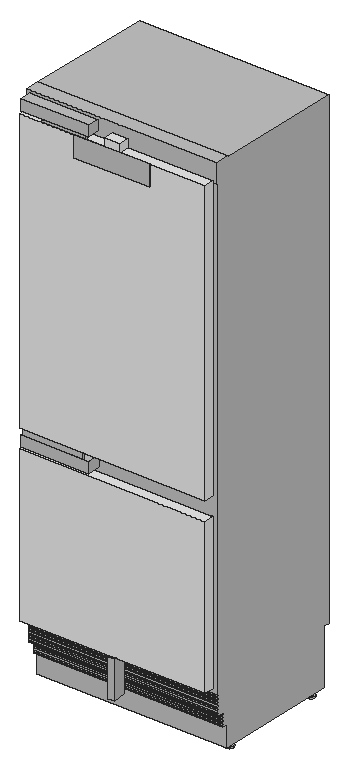
Revit family "FP_Revit_18_RS3084WLUK1_Fridge_90001082A", category Specialty Equipment, Revit 2018
Family settings
  Round Connector Dimension = Use Diameter
  Part Type = Normal
  OmniClass Number = 23.40.40.11.11
  OmniClass Title = Refrigerators and Freezers
  Work Plane-Based = No
  Always vertical = Yes
  Cut with Voids When Loaded = Yes
  Shared = No
  Room Calculation Point = No
Parameters (values of type "RS3084WLU1")
  Visibility - Water Connection = yes
  Visibility - Visibility Control Note = yes
  Visibility - Clearance Required = yes
  URL = "www.fisherpaykel.com"
  Stainless Steel Door Panels (RD3084WLD) = no
  Product - Width = 756 mm  # constant formula
  Product - Height = 2134 mm  # constant formula
  Product - Depth (exl front panel) = 610 mm  # constant formula
  Model = "RS3084WLU1"
  Material - Handle = Fisher & Paykel - Aluminium
  Material - Door Structure = Fisher & Paykel - White
  Material - Door Front = Fisher & Paykel - Stainless Steel
  Material - Body = Fisher & Paykel - Grey
  Manufacturer = "Fisher & Paykel Appliances"
  Handle Style - Professional Square (AHV2RD3084W) = no
  Handle Style - Professional Round Flush (AHP3RD3084W) = no
  Handle Style - Professional Round (AHCRD3084W) = no
  Handle Style - Contemporary Square Fine Black (AHD5RD3084WB) = no
  Handle Style - Contemporary Square Fine (AHD5RD3084W) = no
  Handle Style - Contemporary Square (AHD3RD3084W) = no
  Handle Style - Contemporary Round (AHSRD3084W) = no
  Description = "30\" Integrated Column Freezer with internal Ice & Water, White Interior"
  Connector Description - Water = "1/4\" (6mm) comp. stainless steel braided hose"
  Connector Description - Electrical = "120 V, 10 amp fused electrical supply"
  Cavity - Width = 762 mm  # constant formula
  Cavity - Height = 2134 mm  # constant formula
  Cavity - Depth = 635 mm  # constant formula
Reference planes
  plane 1 "Datum": y = 0
  plane 2: z = 0
  plane 3 "Center (Left/Right)": x = 0
  plane 4 "Product LHS": x = -378
  plane 5 "Product RHS": x = 378
  plane 6 "Product - Depth": y = 610
  plane 7 "Cavity LHS": x = -381
  plane 8 "Cavity RHS": x = 381
  plane 9 "Cavity - Depth": y = 635
  plane 10 "Handle Offset": x = 315
  plane 11 "Product Height": z = 2134
  plane 12 "Cavity Height": z = 2134
  plane 13 "Door Panel Datum": y = -4.1
Forms (mm)
  Extrusion 1, solid, material "Fisher & Paykel - Grey" <- "Material - Body", detail levels fine
    sketch origin (0, 0, 0) x (0, 1, 0) y (0, 0, 1)
      loop
        line (100.1, 19.1) -> (587.9, 19.1) -> (587.9, 239.7) -> (610, 239.7) -> (610, 2132.3) -> (105.1, 2132.3) -> (105.1, 2134) -> (49.9, 2134) -> (49.9, 2059) -> (56, 2059) -> (56, 228.6) -> (59.5, 228.6) -> (59.5, 219.7) -> (56.5, 219.7) -> (56.5, 215.9) -> (59.5, 215.9) -> (59.5, 207) -> (56.5, 207) -> (56.5, 203.2) -> (59.5, 203.2) -> (59.5, 194.3) -> (56.5, 194.3) -> (56.5, 190.5) -> (59.5, 190.5) -> (59.5, 181.6) -> (56.5, 181.6) -> (56.5, 177.8) -> (59.5, 177.8) -> (59.5, 168.9) -> (56.5, 168.9) -> (56.5, 165.1) -> (59.5, 165.1) -> (59.5, 156.2) -> (56.5, 156.2) -> (56.5, 152.4) -> (84.1, 152.4) -> (84.1, 143.5) -> (81.1, 143.5) -> (81.1, 139.7) -> (84.1, 139.7) -> (84.1, 130.8) -> (81.1, 130.8) -> (81.1, 127) -> (84.1, 127) -> (84.1, 118.1) -> (81.1, 118.1) -> (81.1, 114.3) -> (84.1, 114.3) -> (84.1, 105.4) -> (81.1, 105.4) -> (81.1, 101.6) -> (100.1, 101.6) -> (100.1, 19.1)
    from -378 to 378
  Extrusion 2, solid, material "Fisher & Paykel - Grey" <- "Material - Body"
    sketch origin (0, 0, 0) x (1, 0, 0) y (0, 1, 0)
      loop
        circle (-357.5, 547.8) r 4.1
      loop
        circle (-357.5, 141.8) r 4.1
      loop
        circle (357.5, 547.8) r 4.1
      loop
        circle (357.5, 141.8) r 4.1
    from 3 to 19.1
  Extrusion 3, solid, material "Fisher & Paykel - Grey" <- "Material - Body"
    sketch origin (0, 0, 0) x (1, 0, 0) y (0, 1, 0)
      loop
        circle (-357.5, 547.8) r 14.5
      loop
        circle (-357.5, 141.8) r 14.555
      loop
        circle (357.5, 547.8) r 14.5
      loop
        circle (357.5, 141.8) r 14.555
    from 0 to 3
  Extrusion 4, solid, material "Fisher & Paykel - Grey" <- "Material - Body", detail levels fine
    sketch origin (0, 0, 0) x (1, 0, 0) y (0, 1, 0)
      loop
        line (-7.5, 49) -> (-13.797, -4.1) -> (13.797, -4.1) -> (7.5, 49) -> (-7.5, 49)
    from 104.2 to 253.8
  Extrusion 5, solid, material "Fisher & Paykel - Grey" <- "Material - Body", detail levels fine
    sketch origin (0, 0, 0) x (0, 1, 0) y (0, 0, 1)
      loop
        line (0, 2070.6) -> (0, 1988.6) -> (2, 1988.6) -> (2, 2068.6) -> (4, 2068.6) -> (4, 2070.6) -> (0, 2070.6)
    from -150 to 150
  Extrusion 6, solid, material "Fisher & Paykel - Grey" <- "Material - Body"
    sketch origin (0, 0, 0) x (1, 0, 0) y (0, 0, 1)
      loop
        circle (303, 119.813) r 5
      loop
        circle (-303, 119.813) r 5
    from -590 to -587.9
  Extrusion 7, solid, material "Fisher & Paykel - White" <- "Material - Door Structure"
    sketch origin (0, 0, 0) x (1, 0, 0) y (0, 1, 0)
      loop
        line (-353, 56) -> (-353, 42) -> (353, 42) -> (353, 56) -> (-353, 56)
    from 951.3 to 2030.7
  Extrusion 8, solid, material "Fisher & Paykel - White" <- "Material - Door Structure"
    sketch origin (0, 0, 0) x (1, 0, 0) y (0, 1, 0)
      loop
        line (-369.4, 42) -> (-369.4, 3) -> (369.4, 3) -> (369.4, 42) -> (-369.4, 42)
    from 943.8 to 2068.6
  Extrusion 9, solid, material "Fisher & Paykel - White" <- "Material - Door Structure", detail levels fine
    sketch origin (0, 0, 0) x (1, 0, 0) y (0, 0, 1)
      loop
        line (-29.5, 2100.1) -> (-29.5, 2068.6) -> (29.5, 2068.6) -> (29.5, 2100.1) -> (-29.5, 2100.1)
    from -42 to -3
  Extrusion 10, solid, material "Fisher & Paykel - Stainless Steel" <- "Material - Door Front", visible <- "Stainless Steel Door Panels (RD3084WLD)"
    sketch origin (0, 0, 0) x (0, 1, 0) y (0, 0, 1)
      loop
        line (-22.1, 2130.8) -> (-22.1, 876.3) -> (-4.1, 876.3) -> (-4.1, 2130.8) -> (-22.1, 2130.8)
      loop
        line (-22.1, 102) -> (-4.1, 102) -> (-4.1, 873.1) -> (-22.1, 873.1) -> (-22.1, 102)
    from -378 to 378
  Extrusion 11, solid, material "Fisher & Paykel - Grey" <- "Material - Body", detail levels coarse+medium
    sketch origin (0, 0, 0) x (0, 1, 0) y (0, 0, 1)
      loop
        line (49.9, 2134) -> (49.9, 2059) -> (56, 2059) -> (56, 152.4) -> (81.1, 152.4) -> (81.1, 101.6) -> (100.1, 101.6) -> (100.1, 19.1) -> (587.9, 19.1) -> (587.9, 239.7) -> (610, 239.7) -> (610, 2134) -> (49.9, 2134)
    from -378 to 378
  Extrusion 12, solid, material "Fisher & Paykel - Grey" <- "Material - Body", detail levels fine
    sketch origin (0, 0, 0) x (-1, 0, 0) y (0, 0, -1)
      loop
        line (366.4, -877.25) -> (95.42, -877.25) -> (95.42, -919.35) -> (366.4, -919.35) -> (366.4, -877.25)
    from -56 to -2.5
  Extrusion 13, solid, material "Fisher & Paykel - Grey" <- "Material - Body", detail levels fine
    sketch origin (0, 0, 0) x (-1, 0, 0) y (0, 0, -1)
      loop
        line (366.4, -2123.15) -> (366.4, -2081.05) -> (95.42, -2081.05) -> (95.42, -2123.15) -> (366.4, -2123.15)
    from -49 to -2.5
  Extrusion 14, solid, material "Fisher & Paykel - Grey" <- "Material - Body", detail levels fine
    sketch origin (0, 0, -4) x (0, 1, 0) y (0, 0, 1)
      loop
        arc (163.888, 23.1) -> (180.4, 13.63) -> (196.912, 23.1) r 19.13
        line (196.912, 23.1) -> (163.888, 23.1)
      loop
        arc (493.888, 23.1) -> (510.4, 13.63) -> (526.912, 23.1) r 19.13
        line (526.912, 23.1) -> (493.888, 23.1)
    from 191 to 219
  Extrusion 15, solid, material "Fisher & Paykel - Grey" <- "Material - Body", detail levels fine
    sketch origin (0, 0, -4) x (0, 1, 0) y (0, 0, -1)
      loop
        line (163.888, -23.1) -> (196.912, -23.1)
        arc (196.912, -23.1) -> (180.4, -13.63) -> (163.888, -23.1) r 19.13
      loop
        line (493.888, -23.1) -> (526.912, -23.1)
        arc (526.912, -23.1) -> (510.4, -13.63) -> (493.888, -23.1) r 19.13
    from 191 to 219
  Extrusion 16, solid, material "Fisher & Paykel - Clearance Required", visible <- "Visibility - Clearance Required", detail levels coarse
    sketch origin (0, 0, 0) x (1, 0, 0) y (0, 1, 0)
      loop
        line (-381, 635) -> (-381, -4.1) -> (381, -4.1) -> (381, 635) -> (-381, 635)
    from 0 to 2134
  Extrusion 17, void
    sketch origin (0, 0, 0) x (1, 0, 0) y (0, 1, 0)
      loop
        line (-381, 635) -> (-381, -22.1) -> (381, -22.1) -> (381, 635) -> (-381, 635)
    from 0 to 2134
  Extrusion 18, solid, material "Fisher & Paykel - Grey" <- "Material - Body", detail levels fine
    sketch origin (0, 0, 0) x (-1, 0, 0) y (0, 0, -1)
      loop
        line (118.4, -943.8) -> (359.4, -943.8) -> (359.4, -919.35) -> (118.4, -919.35) -> (118.4, -943.8)
      loop
        line (106, -2081.05) -> (242.9, -2081.05) -> (282.9, -2076.05) -> (282.9, -2068.6) -> (106, -2068.6) -> (106, -2081.05)
    from -7 to -4
  Extrusion 19, solid, material "Fisher & Paykel - White" <- "Material - Door Structure"
    sketch origin (0, 0, 0) x (1, 0, 0) y (0, 1, 0)
      loop
        line (-369.4, 42) -> (-369.4, 3) -> (369.4, 3) -> (369.4, 42) -> (-369.4, 42)
    from 253.8 to 868.15
  Extrusion 20, solid, material "Fisher & Paykel - White" <- "Material - Door Structure"
    sketch origin (0, 0, 0) x (1, 0, 0) y (0, 1, 0)
      loop
        line (-353, 56) -> (-353, 42) -> (353, 42) -> (353, 56) -> (-353, 56)
    from 269.2 to 858.13
  Extrusion 21, solid, material "Fisher & Paykel - Clearance Required", visible <- "Visibility - Clearance Required", detail levels coarse
    sketch origin (0, 0, 0) x (0, 1, 0) y (0, 0, 1)
      loop
        line (-422.1, 873.1) -> (-422.1, 818.896) -> (-482.1, 818.896) -> (-482.1, 781.896) -> (-422.1, 781.896) -> (-422.1, 101.6) -> (-22.1, 101.6) -> (-22.1, 873.1) -> (-422.1, 873.1)
    from -381 to 381
  Extrusion 22, solid, material "Fisher & Paykel - Clearance Required", visible <- "Visibility - Clearance Required", detail levels coarse
    sketch origin (0, -0.697, 0) x (-1, 0, 0) y (0, -1, 0)
      loop
        line (301.5, 21.403) -> (378, 21.403)
        arc (378, 21.403) -> (380.992, 56.377) -> (415.915, 59.919) r 27.5
        line (415.915, 59.919) -> (697.006, 664.698) -> (723.252, 652.5)
        arc (723.252, 652.5) -> (747.815, 661.439) -> (738.875, 686.002) r 18.483
        line (738.875, 686.002) -> (712.602, 698.253) -> (734.604, 745.593)
        arc (734.604, 745.593) -> (-22.015, 691.254) -> (-378, 21.403) r 783.517
        line (-378, 21.403) -> (301.5, 21.403)
    from 876.3 to 2134
Lines and regions (mm)
  model lines, style "Fisher & Paykel"
    curve 1: line (-378, -4.1, 2130.8) -> (378, -4.1, 2130.8)
    curve 2: line (-378, -4.1, 876.3) -> (-378, -4.1, 2130.8)
    curve 3: line (378, -4.1, 876.3) -> (-378, -4.1, 876.3)
    curve 4: line (378, -4.1, 2130.8) -> (378, -4.1, 876.3)
    curve 5: line (378, -4.1, 873.1) -> (-378, -4.1, 873.1)
    curve 6: line (378, -4.1, 102) -> (378, -4.1, 873.1)
    curve 7: line (-378, -4.1, 102) -> (378, -4.1, 102)
    curve 8: line (-378, -4.1, 873.1) -> (-378, -4.1, 102)
Text (mm)
  text "Due to ongoing product development, product details are subject to change without notice. \nPlease always refer to www.fisherpaykel.com for the most current product information. \n© Fisher & Paykel 2020" at (41.04, -878.295, 0), in view "Ref. Level (Plan)"
Dimensions and locks
  equal spacing: plane 4 "Product LHS", plane 3 "Center (Left/Right)", plane 5 "Product RHS"
  "Product - Width": plane 4 "Product LHS" to plane 5 "Product RHS"
  "Product - Depth (exl front panel)": plane 1 "Datum" to plane 6 "Product - Depth"
  equal spacing: plane 7 "Cavity LHS", plane 3 "Center (Left/Right)", plane 8 "Cavity RHS"
  "Cavity - Width": plane 7 "Cavity LHS" to plane 8 "Cavity RHS"
  "Cavity - Depth": plane 9 "Cavity - Depth" to plane 1 "Datum"
  plane 4 "Product LHS" to Extrusion 2 sketch curve = 24.6 mm
  plane 4 "Product LHS" to plane 10 "Handle Offset" = 693 mm
  Extrusion 6 sketch curve to Extrusion 1 = 119.887 mm  (x2)
  Extrusion 6 sketch curve to plane 5 "Product RHS" = 75 mm
  plane 4 "Product LHS" to Extrusion 6 sketch curve = 75 mm
  Extrusion 1 sketch curve to Extrusion 1 sketch curve = 82.5 mm
  Extrusion 1 sketch curve to Extrusion 1 sketch curve = 209.5 mm
  Extrusion 1 sketch curve to Extrusion 1 sketch curve = 220.6 mm
  Extrusion 3 to level = 3 mm
  Extrusion 11 to Extrusion 8 = 924.7 mm
  Extrusion 11 to Extrusion 7 = 932.2 mm
  Extrusion 11 to Extrusion 11 = 2114.9 mm
  Extrusion 11 to Extrusion 10 = 82.9 mm
  "Product - Height": level to plane 11 "Product Height"
  plane 11 "Product Height" to Extrusion 10 = 3.2 mm
  Extrusion 8 to plane 11 "Product Height" = 65.4 mm
  Extrusion 7 to plane 11 "Product Height" = 103.3 mm
  Extrusion 11 sketch curve to plane 11 "Product Height" = 75 mm
  Extrusion 1 sketch curve to plane 11 "Product Height" = 1.7 mm
  Extrusion 1 sketch curve to plane 11 "Product Height" = 75 mm
  "Cavity - Height": plane 12 "Cavity Height" to level
  plane 1 "Datum" to Extrusion 16 = 635 mm
  plane 1 "Datum" to Extrusion 17 = 635 mm
  Extrusion 18 sketch curve to Extrusion 18 sketch curve = 40 mm
  Extrusion 18 sketch curve to Extrusion 18 sketch curve = 176.9 mm
  plane 3 "Center (Left/Right)" to Extrusion 18 sketch curve = 106 mm
  plane 3 "Center (Left/Right)" to Extrusion 18 sketch curve = 118.4 mm
  Extrusion 17 to level = 2134 mm
  Extrusion 1 to Extrusion 12 sketch curve = 282.58 mm
  Extrusion 1 to Extrusion 13 sketch curve = 282.58 mm
  radius of Extrusion 6 sketch curve = 5 mm
  aligned and locked: level to plane 2
  aligned and locked: Extrusion 10 to plane 5 "Product RHS"
  aligned and locked: plane 4 "Product LHS" to Extrusion 10
  aligned and locked: Extrusion 11 to plane 5 "Product RHS"
  aligned and locked: Extrusion 11 to plane 4 "Product LHS"
  aligned and locked: Extrusion 11 sketch curve to plane 11 "Product Height"
  aligned and locked: plane 11 "Product Height" to Extrusion 1 sketch curve
  aligned and locked: Extrusion 14 sketch curve to Extrusion 14 sketch curve
  aligned and locked: Extrusion 15 sketch curve to Extrusion 15 sketch curve
  aligned and locked: Extrusion 1 to plane 5 "Product RHS"
  aligned and locked: plane 4 "Product LHS" to Extrusion 1
  aligned and locked: nested 2 to plane 10 "Handle Offset"
  aligned and locked: nested 3 to plane 10 "Handle Offset"
  aligned and locked: nested 4 to plane 10 "Handle Offset"
  aligned and locked: nested 5 to plane 10 "Handle Offset"
  aligned and locked: nested 6 to plane 10 "Handle Offset"
  aligned and locked: nested 7 to plane 10 "Handle Offset"
  aligned and locked: nested 8 to plane 10 "Handle Offset"
Automatic sketch dimensions
  Extrusion 1 sketch curve to plane 6 "Product - Depth" = 0 mm
  Extrusion 1 sketch curve to Extrusion 1 sketch curve = 22.1 mm
  Extrusion 1 sketch curve to plane 1 "Datum" = 105.1 mm
  level to Extrusion 1 sketch curve = 19.1 mm
  Extrusion 1 sketch curve to plane 1 "Datum" = 100.1 mm
  Extrusion 1 sketch curve to Extrusion 1 sketch curve = 16 mm
  Extrusion 1 sketch curve to Extrusion 1 sketch curve = 0 mm  (x8)
  Extrusion 1 sketch curve to Extrusion 1 sketch curve = 3 mm  (x10)
  Extrusion 1 sketch curve to plane 1 "Datum" = 59.5 mm
  Extrusion 1 sketch curve to plane 1 "Datum" = 56 mm
  Extrusion 1 sketch curve to plane 1 "Datum" = 49.9 mm
  Extrusion 1 sketch curve to Extrusion 1 sketch curve = 3.8 mm  (x10)
  Extrusion 1 sketch curve to Extrusion 1 sketch curve = 8.9 mm  (x9)
  Extrusion 2 sketch curve to plane 4 "Product LHS" = 20.5 mm  (x2)
  plane 5 "Product RHS" to Extrusion 2 sketch curve = 20.5 mm  (x2)
  Extrusion 2 sketch curve to plane 1 "Datum" = 141.8 mm  (x2)
  Extrusion 2 sketch curve to plane 6 "Product - Depth" = 62.2 mm  (x2)
  Extrusion 3 sketch curve to plane 4 "Product LHS" = 20.5 mm  (x2)
  plane 5 "Product RHS" to Extrusion 3 sketch curve = 20.5 mm  (x2)
  Extrusion 3 sketch curve to plane 1 "Datum" = 141.8 mm  (x2)
  Extrusion 3 sketch curve to plane 6 "Product - Depth" = 62.2 mm  (x2)
  plane 1 "Datum" to Extrusion 4 sketch curve = 4.1 mm
  Extrusion 4 sketch curve to plane 3 "Center (Left/Right)" = 13.797 mm
  Extrusion 4 sketch curve to plane 3 "Center (Left/Right)" = 7.5 mm
  plane 3 "Center (Left/Right)" to Extrusion 4 sketch curve = 7.5 mm
  plane 3 "Center (Left/Right)" to Extrusion 4 sketch curve = 13.797 mm
  Extrusion 4 sketch curve to plane 1 "Datum" = 49 mm
  Extrusion 5 sketch curve to plane 1 "Datum" = 0 mm
  Extrusion 5 sketch curve to plane 1 "Datum" = 2 mm
  Extrusion 5 sketch curve to Extrusion 5 sketch curve = 2 mm  (x2)
  plane 11 "Product Height" to Extrusion 5 sketch curve = 145.4 mm
  plane 11 "Product Height" to Extrusion 5 sketch curve = 65.4 mm
  Extrusion 7 sketch curve to plane 4 "Product LHS" = 25 mm
  plane 5 "Product RHS" to Extrusion 7 sketch curve = 25 mm
  Extrusion 7 sketch curve to plane 1 "Datum" = 42 mm
  Extrusion 7 sketch curve to Extrusion 7 sketch curve = 14 mm
  Extrusion 8 sketch curve to plane 1 "Datum" = 3 mm
  Extrusion 8 sketch curve to plane 4 "Product LHS" = 8.6 mm
  plane 5 "Product RHS" to Extrusion 8 sketch curve = 8.6 mm
  Extrusion 8 sketch curve to Extrusion 8 sketch curve = 39 mm
  Extrusion 9 sketch curve to plane 3 "Center (Left/Right)" = 29.5 mm
  plane 3 "Center (Left/Right)" to Extrusion 9 sketch curve = 29.5 mm
  plane 11 "Product Height" to Extrusion 9 sketch curve = 65.4 mm
  Extrusion 9 sketch curve to Extrusion 9 sketch curve = 31.5 mm
  Extrusion 11 sketch curve to plane 6 "Product - Depth" = 0 mm
  Extrusion 11 sketch curve to plane 6 "Product - Depth" = 22.1 mm
  Extrusion 11 sketch curve to plane 1 "Datum" = 100.1 mm
  Extrusion 11 sketch curve to Extrusion 11 sketch curve = 19 mm
  Extrusion 11 sketch curve to plane 1 "Datum" = 56 mm
  Extrusion 11 sketch curve to plane 1 "Datum" = 49.9 mm
  level to Extrusion 11 sketch curve = 239.7 mm
  level to Extrusion 11 sketch curve = 152.4 mm
  Extrusion 11 sketch curve to Extrusion 11 sketch curve = 50.8 mm
  level to Extrusion 11 sketch curve = 19.1 mm
  plane 4 "Product LHS" to Extrusion 12 sketch curve = 11.6 mm
  Extrusion 12 sketch curve to level = 877.25 mm
  Extrusion 12 sketch curve to Extrusion 12 sketch curve = 42.1 mm
  plane 4 "Product LHS" to Extrusion 13 sketch curve = 11.6 mm
  Extrusion 13 sketch curve to plane 11 "Product Height" = 52.95 mm
  Extrusion 13 sketch curve to plane 11 "Product Height" = 10.85 mm
  level to Extrusion 14 sketch curve = 19.1 mm
  Extrusion 14 sketch curve to plane 1 "Datum" = 163.888 mm
  Extrusion 14 sketch curve to Extrusion 14 sketch curve = 16.512 mm  (x2)
  Extrusion 14 sketch curve to plane 6 "Product - Depth" = 116.112 mm
  Extrusion 14 sketch curve to Extrusion 14 sketch curve = 9.66 mm  (x2)
  level to Extrusion 15 sketch curve = 19.1 mm
  Extrusion 15 sketch curve to plane 1 "Datum" = 163.888 mm
  Extrusion 15 sketch curve to Extrusion 15 sketch curve = 16.512 mm  (x2)
  Extrusion 15 sketch curve to plane 6 "Product - Depth" = 116.112 mm
  Extrusion 15 sketch curve to Extrusion 15 sketch curve = 9.66 mm  (x2)
  Extrusion 16 sketch curve to plane 7 "Cavity LHS" = 0 mm
  Extrusion 16 sketch curve to plane 8 "Cavity RHS" = 0 mm
  Extrusion 16 sketch curve to plane 9 "Cavity - Depth" = 0 mm
  plane 1 "Datum" to Extrusion 16 sketch curve = 4.1 mm
  Extrusion 17 sketch curve to plane 7 "Cavity LHS" = 0 mm
  Extrusion 17 sketch curve to plane 8 "Cavity RHS" = 0 mm
  plane 9 "Cavity - Depth" to Extrusion 17 sketch curve = 0 mm
  plane 1 "Datum" to Extrusion 17 sketch curve = 22.1 mm
  plane 4 "Product LHS" to Extrusion 18 sketch curve = 18.6 mm
  Extrusion 18 sketch curve to level = 919.35 mm
  Extrusion 18 sketch curve to Extrusion 18 sketch curve = 24.45 mm
  Extrusion 18 sketch curve to plane 11 "Product Height" = 65.4 mm
  Extrusion 18 sketch curve to Extrusion 18 sketch curve = 7.45 mm
  Extrusion 18 sketch curve to Extrusion 18 sketch curve = 5 mm
  Extrusion 19 sketch curve to plane 1 "Datum" = 3 mm
  Extrusion 19 sketch curve to plane 4 "Product LHS" = 8.6 mm
  plane 5 "Product RHS" to Extrusion 19 sketch curve = 8.6 mm
  Extrusion 19 sketch curve to Extrusion 19 sketch curve = 39 mm
  Extrusion 20 sketch curve to plane 4 "Product LHS" = 25 mm
  plane 5 "Product RHS" to Extrusion 20 sketch curve = 25 mm
  Extrusion 20 sketch curve to plane 1 "Datum" = 42 mm
  Extrusion 20 sketch curve to Extrusion 20 sketch curve = 14 mm
  plane 1 "Datum" to Extrusion 21 sketch curve = 482.1 mm
  Extrusion 21 sketch curve to Extrusion 21 sketch curve = 60 mm
  Extrusion 21 sketch curve to Extrusion 21 sketch curve = 0 mm
  plane 1 "Datum" to Extrusion 21 sketch curve = 22.1 mm
  level to Extrusion 21 sketch curve = 101.6 mm
  Extrusion 21 sketch curve to Extrusion 21 sketch curve = 680.296 mm
  Extrusion 21 sketch curve to Extrusion 21 sketch curve = 37 mm
  Extrusion 21 sketch curve to Extrusion 21 sketch curve = 54.204 mm
  Extrusion 22 sketch curve to plane 5 "Product RHS" = 0 mm
  Extrusion 22 sketch curve to plane 1 "Datum" = 22.1 mm
  plane 4 "Product LHS" to Extrusion 22 sketch curve = 76.5 mm
  plane 4 "Product LHS" to Extrusion 22 sketch curve = 0 mm
  Extrusion 22 sketch curve to plane 7 "Cavity LHS" = 19.59 mm
  Extrusion 22 sketch curve to Extrusion 22 sketch curve = 4.816 mm
  Extrusion 22 sketch curve to Extrusion 22 sketch curve = 10.509 mm
  Extrusion 22 sketch curve to plane 7 "Cavity LHS" = 316.006 mm
  Extrusion 22 sketch curve to Extrusion 22 sketch curve = 15.596 mm
  Extrusion 22 sketch curve to Extrusion 22 sketch curve = 26.246 mm
  Extrusion 22 sketch curve to Extrusion 22 sketch curve = 7.811 mm  (x2)
  Extrusion 22 sketch curve to Extrusion 22 sketch curve = 22.003 mm
  Extrusion 22 sketch curve to Extrusion 22 sketch curve = 13.185 mm
  Extrusion 22 sketch curve to Extrusion 22 sketch curve = 2.497 mm
  Extrusion 22 sketch curve to Extrusion 22 sketch curve = 93.093 mm
  Extrusion 22 sketch curve to Extrusion 22 sketch curve = 16.751 mm
  Extrusion 22 sketch curve to Extrusion 22 sketch curve = 12.251 mm
  plane 11 "Product Height" to Extrusion 10 sketch curve = 3.2 mm
  plane 1 "Datum" to Extrusion 10 sketch curve = 22.1 mm
  plane 1 "Datum" to Extrusion 10 sketch curve = 4.1 mm  (x2)
  level to Extrusion 10 sketch curve = 102 mm
  Extrusion 10 sketch curve to Extrusion 10 sketch curve = 774.3 mm
  Extrusion 10 sketch curve to Extrusion 10 sketch curve = 3.2 mm
  Extrusion 10 sketch curve to Extrusion 10 sketch curve = 18 mm
  plane 5 "Product RHS" to curve 5 = 0 mm
  plane 5 "Product RHS" to curve 1 = 0 mm
  plane 4 "Product LHS" to curve 5 = 0 mm
  plane 4 "Product LHS" to curve 2 = 0 mm
  level to curve 6 = 102 mm
  curve 6 to curve 6 = 771.1 mm
  curve 5 to curve 2 = 3.2 mm
  plane 11 "Product Height" to curve 2 = 3.2 mm
  radius of Extrusion 2 sketch curve = 4.1 mm  (x3)
  radius of Extrusion 3 sketch curve = 14.5 mm  (x2)
  radius of Extrusion 3 sketch curve = 14.555 mm  (x2)
  radius of Extrusion 6 sketch curve = 5 mm
Nested families
  nested 1: "Visibility Control Note 18" at (0, 0, 0), visible <- "Visibility - Visibility Control Note", type "Visibility Control Note 18"
  nested 2: "Handle Contemporary Round - Vertical" at (315, -22.1, 1322.58), visible <- "Handle Style - Contemporary Round (AHSRD3084W)", type "AHSRD3084W - Contemporary round handle (1 of 2) (Vertical) 727mm"
  nested 3: "Handle Contemporary Square - Vertical" at (315, -22.1, 1322.58), visible <- "Handle Style - Contemporary Square (AHD3RD3084W)", type "AHD3RD3084W - Contemporary square handle (1 of 2) (Vertical) 727mm"
  nested 4: "F&P Handle Kit - Contemporary Square Fine - Vertical" at (315, -22.1, 1322.58), visible <- "Handle Style - Contemporary Square Fine Black (AHD5RD3084WB)", type "AHD5RD3084WB - Contemporary square fine black handle (1 of 2) (Vertical) 727mm"
  nested 5: "F&P Handle Kit - Contemporary Square Fine - Vertical" at (315, -22.1, 1322.58), visible <- "Handle Style - Contemporary Square Fine (AHD5RD3084W)", type "AHD5RD3084W - Contemporary square fine handle (1 of 2) (Vertical) 727mm"
  nested 6: "Handle Professional Round - Vertical" at (315, -22.1, 1322.58), visible <- "Handle Style - Professional Round (AHCRD3084W)", type "AHCRD3084W - Professional round handle (1 of 2) (Vertical) 661mm"
  nested 7: "Handle Professional Round Flush - Vertical" at (315, -22.1, 1322.58), visible <- "Handle Style - Professional Round Flush (AHP3RD3084W)", type "AHP3RD3084W - Professional round flush handle (1 of 2) (Vertical) 677mm"
  nested 8: "Handle Professional Square - Vertical" at (315, -22.1, 1322.58), visible <- "Handle Style - Professional Square (AHV2RD3084W)", type "AHV2RD3084W - Professional square handle (1 of 2) (Vertical) 727mm"
  nested 9: "Handle Contemporary Round - Horizontal" at (0, -22.1, 800.364), visible <- "Handle Style - Contemporary Round (AHSRD3084W)", type "AHSRD3084W - Contemporary round handle (2 of 2) (Horizontal) 646mm"
  nested 10: "Handle Contemporary Square - Horizontal" at (0, -22.1, 800.364), visible <- "Handle Style - Contemporary Square (AHD3RD3084W)", type "AHD3RD3084W - Contemporary square handle (2 of 2) (Horizontal) 646mm"
  nested 11: "F&P Handle Kit - Contemporary Square Fine - Horizontal" at (0, -22.1, 800.364), visible <- "Handle Style - Contemporary Square Fine Black (AHD5RD3084WB)", type "AHD5RD3084WB - Contemporary square fine black handle (2 of 2) (Horizontal) 646mm"
  nested 12: "Handle Professional Round - Horizontal" at (0, -22.1, 800.364), visible <- "Handle Style - Professional Round (AHCRD3084W)", type "AHCRD3084W - Professional round handle (2 of 2) (Horizontal) 580mm"
  nested 13: "Handle Professional Round Flush - Horizontal" at (0, -22.1, 800.364), visible <- "Handle Style - Professional Round Flush (AHP3RD3084W)", type "AHP3RD3084W - Professional round flush handle (2 of 2) (Horizontal) 596mm"
  nested 14: "Handle Professional Square - Horizontal" at (0, -22.1, 800.364), visible <- "Handle Style - Professional Square (AHV2RD3084W)", type "AHV2RD3084W - Professional square handle (2 of 2) (Horizontal) 586mm"
  nested 15: "F&P Handle Kit - Contemporary Square Fine - Horizontal" at (0, -22.1, 800.364), visible <- "Handle Style - Contemporary Square Fine (AHD5RD3084W)", type "AHD5RD3084W - Contemporary square fine handle (2 of 2) (Horizontal) 646mm"
Connectors
  electrical at (-303, 590, 119.813), driven by "Connector Description - Electrical"
    settings: on Extrusion 6, index 1, voltage 120 V, apparent load 0 VA, apparent load phase1 0 VA, apparent load phase2 0 VA, apparent load phase3 0 VA, power factor 1, load classification "Other", number of poles 1, system type 30, power factor state 1, is connector primary yes, connector utility no, sub classification motor no, connector description "120 V, 10 amp fused electrical supply"
  piping at (303, 590, 119.813), diameter 12.7, driven by "Visibility - Water Connection", driven by "Connector Description - Water"
    settings: on Extrusion 6, index 2, connector inside diameter 609.6 mm, connector length 0 mm, flow factor 0, pipe flow 0.0 L/s, pressure drop 0.0 Pa, fitting loss kfactor 0, connector angle 0.00°, fixture units 0, engagement length 0 mm, angle of deflection 0.00°, flow configuration 0, flow direction 1, fitting loss method 0, system type 20, joint type 0, gender type 0, connector reference index -1, connector utility 1, adjustable connector no, is connector primary yes, connector description "1/4\" (6mm) comp. stainless steel braided hose"
Definition of nested family "Handle Contemporary Round - Vertical"
  Parameters (values of type "AHSRS80A - Contemporary round handle (1 of 2) (Vertical) 727mm")
    URL = "www.fisherpaykel.com"
    Material - Handle = none
    Manufacturer = "Fisher & Paykel Appliances"
    Handle - Length = 727 mm
  Types (6, lengths in mm): name | Handle - Length
    AHS-RD21 - Contemporary round handle (Vertical) 852mm | 852
    AHSRD2484W - Contemporary round handle (1 of 2) (Vertical) 727mm | 727
    AHSRD3084W - Contemporary round handle (1 of 2) (Vertical) 727mm | 727
    AHS-RD84 - Contemporary round handle (Vertical) 852mm | 852
    AHSRS3272A - Contemporary round handle (1 of 2) (Vertical) 727mm | 727
    AHSRS80A - Contemporary round handle (1 of 2) (Vertical) 727mm | 727
  Reference planes
    plane 1 "Center (Front/Back)": y = 0
    plane 2: z = 0
    plane 3 "Center (Left/Right)": x = 0
    plane 4 "Top": z = 363.5
    plane 5 "Bottom": z = -363.5
    plane 6 "Top Standoff": z = 243.5
    plane 7 "Bottom Standoff": z = -243.5
  Forms (mm)
    Extrusion 1, solid, material <- "Material - Handle"
      sketch origin (0, 0, 0) x (1, 0, 0) y (0, 1, 0)
        loop
          circle (0, -32.3) r 8.7
      from -243.5 to 243.5
    Extrusion 2, solid, material <- "Material - Handle", detail levels fine
      sketch origin (0, 0, 0) x (1, 0, 0) y (0, 1, 0)
        loop
          line (-8.7, 0) -> (-8.7, -32.3)
          arc (-8.7, -32.3) -> (0, -41) -> (8.7, -32.3) r 8.7
          line (8.7, -32.3) -> (8.7, 0) -> (-8.7, 0)
      from 243.5 to 363.5
    Extrusion 3, solid, material <- "Material - Handle", detail levels fine
      sketch origin (0, 0, 0) x (1, 0, 0) y (0, 1, 0)
        loop
          line (-8.7, 0) -> (-8.7, -32.3)
          arc (-8.7, -32.3) -> (0, -41) -> (8.7, -32.3) r 8.7
          line (8.7, -32.3) -> (8.7, 0) -> (-8.7, 0)
      from -363.5 to -243.5
    Sweep 4, void
      path in 3D
        loop
          line (8.7, 0, -363.5) -> (8.7, -32.3, -363.5)
          arc (8.7, -32.3, -363.5) -> (0, -41, -363.5) -> (-8.7, -32.3, -363.5) r 8.7
          line (-8.7, -32.3, -363.5) -> (-8.7, 0, -363.5)
      profile origin (8.7, -16.15, -363.5) x (-1, 0, 0) y (0, 0, -1)
        loop
          line (0, 0) -> (0, -1) -> (1, 0) -> (0, 0)
    Sweep 5, void
      path in 3D
        loop
          line (-8.7, 0, 363.5) -> (-8.7, -32.3, 363.5)
          arc (-8.7, -32.3, 363.5) -> (0, -41, 363.5) -> (8.7, -32.3, 363.5) r 8.7
          line (8.7, -32.3, 363.5) -> (8.7, 0, 363.5)
      profile origin (8.7, -16.15, 363.5) x (-1, 0, 0) y (0, 0, 1)
        loop
          line (0, 0) -> (0, -1) -> (1, 0) -> (0, 0)
    Extrusion 6, solid, material <- "Material - Handle", detail levels coarse+medium
      sketch origin (0, 0, 0) x (1, 0, 0) y (0, 1, 0)
        loop
          line (-8.7, 0) -> (-8.7, -32.3)
          arc (-8.7, -32.3) -> (0, -41) -> (8.7, -32.3) r 8.7
          line (8.7, -32.3) -> (8.7, 0) -> (-8.7, 0)
      from 243.5 to 363.5
    Extrusion 7, solid, material <- "Material - Handle", detail levels coarse+medium
      sketch origin (0, 0, 0) x (1, 0, 0) y (0, 1, 0)
        loop
          line (-8.7, 0) -> (-8.7, -32.3)
          arc (-8.7, -32.3) -> (0, -41) -> (8.7, -32.3) r 8.7
          line (8.7, -32.3) -> (8.7, 0) -> (-8.7, 0)
      from -363.5 to -243.5
  Cuts and joins
    Sweep 4 cuts Extrusion 3
    Sweep 5 cuts Extrusion 2
  Lines and regions (mm)
    sketch lines
      curve 1: line (8.7, 0, -363.5) -> (8.7, -32.3, -363.5)
      curve 2: arc (-8.7, -32.3, -363.5) -> (0, -41, -363.5) -> (8.7, -32.3, -363.5) r 8.7
      curve 3: line (-8.7, -32.3, -363.5) -> (-8.7, 0, -363.5)
      curve 4: line (8.7, -32.3, 363.5) -> (8.7, 0, 363.5)
      curve 5: arc (8.7, -32.3, 363.5) -> (0, -41, 363.5) -> (-8.7, -32.3, 363.5) r 8.7
      curve 6: line (-8.7, 0, 363.5) -> (-8.7, -32.3, 363.5)
  Dimensions and locks
    equal spacing: plane 4 "Top", level, plane 5 "Bottom"
    "Handle - Length": plane 4 "Top" to plane 5 "Bottom"
    locked: plane 4 "Top" to plane 6 "Top Standoff" at 120
    locked: plane 7 "Bottom Standoff" to plane 5 "Bottom" at 120
    Extrusion 2 sketch curve to Extrusion 2 sketch curve = 17.4 mm
    Extrusion 3 sketch curve to Extrusion 3 sketch curve = 17.4 mm
    Extrusion 6 sketch curve to Extrusion 6 sketch curve = 17.4 mm
    Extrusion 7 sketch curve to Extrusion 7 sketch curve = 17.4 mm
    aligned and locked: level to plane 2
    aligned and locked: plane 4 "Top" to Extrusion 2
    aligned and locked: Extrusion 3 to plane 5 "Bottom"
    aligned and locked: plane 7 "Bottom Standoff" to Extrusion 3
    aligned and locked: Extrusion 1 to plane 7 "Bottom Standoff"
    aligned and locked: plane 6 "Top Standoff" to Extrusion 1
    aligned and locked: Extrusion 2 to Extrusion 1
    aligned and locked: Extrusion 6 to Extrusion 1
    aligned and locked: plane 4 "Top" to Extrusion 6
    aligned and locked: Extrusion 7 to Extrusion 1
    aligned and locked: Extrusion 7 to plane 5 "Bottom"
  Automatic sketch dimensions
    Extrusion 1 sketch curve to plane 3 "Center (Left/Right)" = 0 mm
    plane 1 "Center (Front/Back)" to Extrusion 1 sketch curve = 32.3 mm
    plane 1 "Center (Front/Back)" to Extrusion 2 sketch curve = 0 mm
    Extrusion 2 sketch curve to plane 3 "Center (Left/Right)" = 0 mm
    Extrusion 2 sketch curve to plane 3 "Center (Left/Right)" = 8.7 mm
    plane 1 "Center (Front/Back)" to Extrusion 2 sketch curve = 32.3 mm
    plane 1 "Center (Front/Back)" to Extrusion 3 sketch curve = 0 mm
    Extrusion 3 sketch curve to plane 3 "Center (Left/Right)" = 0 mm
    Extrusion 3 sketch curve to plane 3 "Center (Left/Right)" = 8.7 mm
    plane 1 "Center (Front/Back)" to Extrusion 3 sketch curve = 32.3 mm
    Sweep 4 sketch curve to profile plane = 0 mm  (x2)
    Sweep 4 sketch curve to profile plane = 1 mm  (x2)
    Sweep 5 sketch curve to profile plane = 0 mm  (x2)
    Sweep 5 sketch curve to profile plane = 1 mm  (x2)
    Extrusion 6 sketch curve to plane 3 "Center (Left/Right)" = 0 mm
    Extrusion 6 sketch curve to plane 3 "Center (Left/Right)" = 8.7 mm
    plane 1 "Center (Front/Back)" to Extrusion 6 sketch curve = 32.3 mm
    Extrusion 6 sketch curve to Extrusion 6 sketch curve = 32.3 mm
    Extrusion 7 sketch curve to plane 3 "Center (Left/Right)" = 0 mm
    Extrusion 7 sketch curve to plane 3 "Center (Left/Right)" = 8.7 mm
    plane 1 "Center (Front/Back)" to Extrusion 7 sketch curve = 32.3 mm
    Extrusion 7 sketch curve to Extrusion 7 sketch curve = 32.3 mm
    radius of Extrusion 1 sketch curve = 8.7 mm
Definition of nested family "Handle Contemporary Square - Vertical"
  Parameters (values of type "AHD3RS80A - Contemporary square handle (1 of 2) (Vertical) 727mm")
    URL = "www.fisherpaykel.com"
    Material - Handle = none
    Manufacturer = "Fisher & Paykel Appliances"
    Handle - Length = 727 mm
  Types (7, lengths in mm): name | Handle - Length
    (no name) | 727
    AHD3-RD21 - Contemporary square handle (Vertical) 852mm | 852
    AHD3RD2484W - Contemporary square handle (1 of 2) (Vertical) 727mm | 727
    AHD3RD3084W - Contemporary square handle (1 of 2) (Vertical) 727mm | 727
    AHD3-RD84 - Contemporary square handle (Vertical) 852mm | 852
    AHD3RS3272A - Contemporary square handle (1 of 2) (Vertical) 727mm | 727
    AHD3RS80A - Contemporary square handle (1 of 2) (Vertical) 727mm | 727
  Reference planes
    plane 1 "Center (Front/Back)": y = 0
    plane 2: z = 0
    plane 3 "Center (Left/Right)": x = 0
    plane 4 "Top": z = 363.5
    plane 5 "Bottom": z = -363.5
    plane 6 "Top Standoff": z = 243.5
    plane 7 "Bottom Standoff": z = -243.5
  Forms (mm)
    Extrusion 1, solid, material <- "Material - Handle", detail levels fine
      sketch origin (0, 0, 0) x (1, 0, 0) y (0, 1, 0)
        loop
          arc (-7.583, -28.701) -> (-7.89, -29.057) -> (-8, -29.514) r 1
          line (-8, -29.514) -> (-8, -40.5)
          arc (-8, -40.5) -> (-7.561, -41.561) -> (-6.5, -42) r 1.5
          line (-6.5, -42) -> (6.5, -42)
          arc (6.5, -42) -> (7.561, -41.561) -> (8, -40.5) r 1.5
          line (8, -40.5) -> (8, -29.487)
          arc (8, -29.487) -> (7.889, -29.029) -> (7.58, -28.673) r 1
          arc (7.58, -28.673) -> (-0.006, -26.256) -> (-7.583, -28.701) r 13.038
      from -363.5 to 363.5
    Extrusion 2, solid, material <- "Material - Handle", detail levels fine
      sketch origin (0, 0, 0) x (1, 0, 0) y (0, 1, 0)
        loop
          arc (7.058, -28.23) -> (7.466, -28.244) -> (7.674, -27.893) r 0.4
          line (7.674, -27.893) -> (7.674, 0) -> (-7.674, 0) -> (-7.674, -27.86)
          arc (-7.674, -27.86) -> (-7.467, -28.21) -> (-7.06, -28.198) r 0.4
          arc (-7.06, -28.198) -> (0.004, -26.156) -> (7.058, -28.23) r 13.136
      from 243.5 to 363.5
    Extrusion 3, solid, material <- "Material - Handle", detail levels fine
      sketch origin (0, 0, 0) x (1, 0, 0) y (0, 1, 0)
        loop
          arc (7.058, -28.23) -> (7.466, -28.244) -> (7.674, -27.893) r 0.4
          line (7.674, -27.893) -> (7.674, 0) -> (-7.674, 0) -> (-7.674, -27.86)
          arc (-7.674, -27.86) -> (-7.467, -28.21) -> (-7.06, -28.198) r 0.4
          arc (-7.06, -28.198) -> (0.004, -26.156) -> (7.058, -28.23) r 13.136
      from -363.5 to -243.5
    Sweep 4, void
      path in 3D
        loop
          line (-8, -29.514, 363.5) -> (-8, -40.5, 363.5)
          arc (-8, -40.5, 363.5) -> (-7.561, -41.561, 363.5) -> (-6.5, -42, 363.5) r 1.5
          line (-6.5, -42, 363.5) -> (6.5, -42, 363.5)
          arc (6.5, -42, 363.5) -> (7.561, -41.561, 363.5) -> (8, -40.5, 363.5) r 1.5
          line (8, -40.5, 363.5) -> (8, -29.487, 363.5)
      profile origin (8, -34.994, 363.5) x (-1, 0, 0) y (0, 0, 1)
        loop
          line (0, 0) -> (0, -1.3) -> (1.3, 0) -> (0, 0)
    Sweep 5, void
      path in 3D
        loop
          line (8, -29.487, -363.5) -> (8, -40.5, -363.5)
          arc (8, -40.5, -363.5) -> (7.561, -41.561, -363.5) -> (6.5, -42, -363.5) r 1.5
          line (6.5, -42, -363.5) -> (-6.5, -42, -363.5)
          arc (-6.5, -42, -363.5) -> (-7.561, -41.561, -363.5) -> (-8, -40.5, -363.5) r 1.5
          line (-8, -40.5, -363.5) -> (-8, -29.514, -363.5)
      profile origin (8, -34.994, -363.5) x (-1, 0, 0) y (0, 0, -1)
        loop
          line (0, 0) -> (0, -1.3) -> (1.3, 0) -> (0, 0)
    Extrusion 6, void
      sketch origin (0, 0, 0) x (1, 0, 0) y (0, 0, 1)
        loop
          line (-8, -362.2) -> (-8, -363.5) -> (-6.7, -363.5) -> (-8, -362.2)
        loop
          line (8, -362.2) -> (6.7, -363.5) -> (8, -363.5) -> (8, -362.2)
      from 0 to 40
    Extrusion 7, void
      sketch origin (0, 0, 0) x (1, 0, 0) y (0, 0, 1)
        loop
          line (-8, 363.5) -> (-8, 362.2) -> (-6.7, 363.5) -> (-8, 363.5)
        loop
          line (8, 363.5) -> (6.7, 363.5) -> (8, 362.2) -> (8, 363.5)
      from 0 to 40
    Extrusion 8, solid, material <- "Material - Handle", detail levels coarse+medium
      sketch origin (0, 0, 0) x (0, 1, 0) y (0, 0, 1)
        loop
          line (0, 363.5) -> (-42, 363.5) -> (-42, -363.5) -> (0, -363.5) -> (0, -243.5) -> (-26.245, -243.5) -> (-26.245, 243.5) -> (0, 243.5) -> (0, 363.5)
      from -8 to 8
  Cuts and joins
    Sweep 4, Sweep 5, Extrusion 6, Extrusion 7 cuts Extrusion 1
    Extrusion 6 cuts Extrusion 3
    Extrusion 7 cuts Extrusion 2
  Lines and regions (mm)
    sketch lines
      curve 1: line (8, -40.5, 363.5) -> (8, -29.487, 363.5)
      curve 2: arc (8, -40.5, 363.5) -> (7.561, -41.561, 363.5) -> (6.5, -42, 363.5) r 1.5
      curve 3: line (-6.5, -42, 363.5) -> (6.5, -42, 363.5)
      curve 4: arc (-6.5, -42, 363.5) -> (-7.561, -41.561, 363.5) -> (-8, -40.5, 363.5) r 1.5
      curve 5: line (-8, -29.514, 363.5) -> (-8, -40.5, 363.5)
      curve 6: line (8, -29.487, -363.5) -> (8, -40.5, -363.5)
      curve 7: arc (6.5, -42, -363.5) -> (7.561, -41.561, -363.5) -> (8, -40.5, -363.5) r 1.5
      curve 8: line (6.5, -42, -363.5) -> (-6.5, -42, -363.5)
      curve 9: arc (-8, -40.5, -363.5) -> (-7.561, -41.561, -363.5) -> (-6.5, -42, -363.5) r 1.5
      curve 10: line (-8, -40.5, -363.5) -> (-8, -29.514, -363.5)
  Dimensions and locks
    equal spacing: plane 4 "Top", level, plane 5 "Bottom"
    "Handle - Length": plane 4 "Top" to plane 5 "Bottom"
    locked: plane 4 "Top" to plane 6 "Top Standoff" at 120
    locked: plane 7 "Bottom Standoff" to plane 5 "Bottom" at 120
    aligned and locked: level to plane 2
    aligned and locked: plane 4 "Top" to Extrusion 2
    aligned and locked: Extrusion 2 to plane 6 "Top Standoff"
    aligned and locked: plane 4 "Top" to Extrusion 1
    aligned and locked: Extrusion 1 to plane 5 "Bottom"
    aligned and locked: Extrusion 3 to plane 5 "Bottom"
    aligned and locked: plane 7 "Bottom Standoff" to Extrusion 3
    aligned and locked: plane 4 "Top" to Extrusion 8 sketch curve
    aligned and locked: plane 6 "Top Standoff" to Extrusion 8 sketch curve
    aligned and locked: plane 7 "Bottom Standoff" to Extrusion 8 sketch curve
    aligned and locked: plane 5 "Bottom" to Extrusion 8 sketch curve
    aligned and locked: plane 1 "Center (Front/Back)" to Extrusion 8 sketch curve  (x2)
  Automatic sketch dimensions
    Extrusion 1 sketch curve to plane 3 "Center (Left/Right)" = 8 mm
    Extrusion 1 sketch curve to Extrusion 1 sketch curve = 1 mm  (x2)
    Extrusion 1 sketch curve to Extrusion 1 sketch curve = 1.5 mm
    plane 3 "Center (Left/Right)" to Extrusion 1 sketch curve = 0.018 mm
    plane 3 "Center (Left/Right)" to Extrusion 1 sketch curve = 6.5 mm
    plane 3 "Center (Left/Right)" to Extrusion 1 sketch curve = 7 mm
    plane 1 "Center (Front/Back)" to Extrusion 1 sketch curve = 42 mm
    Extrusion 1 sketch curve to Extrusion 1 sketch curve = 1.206 mm
    Extrusion 1 sketch curve to Extrusion 1 sketch curve = 10.986 mm
    Extrusion 1 sketch curve to Extrusion 1 sketch curve = 11.013 mm
    Extrusion 1 sketch curve to Extrusion 1 sketch curve = 0 mm
    plane 1 "Center (Front/Back)" to Extrusion 2 sketch curve = 0 mm
    Extrusion 2 sketch curve to plane 3 "Center (Left/Right)" = 7.674 mm
    Extrusion 2 sketch curve to Extrusion 2 sketch curve = 0.4 mm  (x2)
    Extrusion 2 sketch curve to plane 3 "Center (Left/Right)" = 0.026 mm
    plane 3 "Center (Left/Right)" to Extrusion 2 sketch curve = 7.274 mm
    plane 1 "Center (Front/Back)" to Extrusion 2 sketch curve = 27.86 mm
    Extrusion 2 sketch curve to Extrusion 2 sketch curve = 0.033 mm
    Extrusion 2 sketch curve to Extrusion 2 sketch curve = 11.398 mm
    Extrusion 2 sketch curve to Extrusion 2 sketch curve = 0 mm
    plane 1 "Center (Front/Back)" to Extrusion 3 sketch curve = 0 mm
    Extrusion 3 sketch curve to Extrusion 3 sketch curve = 0.4 mm  (x2)
    Extrusion 3 sketch curve to Extrusion 3 sketch curve = 7.248 mm
    Extrusion 3 sketch curve to Extrusion 3 sketch curve = 7.3 mm
    plane 1 "Center (Front/Back)" to Extrusion 3 sketch curve = 27.86 mm
    Extrusion 3 sketch curve to Extrusion 3 sketch curve = 0.033 mm
    Extrusion 3 sketch curve to Extrusion 3 sketch curve = 11.398 mm
    Extrusion 3 sketch curve to Extrusion 3 sketch curve = 0 mm
    Sweep 4 sketch curve to profile plane = 0 mm  (x2)
    Sweep 4 sketch curve to profile plane = 1.3 mm  (x2)
    Sweep 5 sketch curve to profile plane = 0 mm  (x2)
    Sweep 5 sketch curve to profile plane = 1.3 mm  (x2)
    Extrusion 6 sketch curve to plane 5 "Bottom" = 0 mm  (x2)
    plane 5 "Bottom" to Extrusion 6 sketch curve = 1.3 mm  (x2)
    Extrusion 6 sketch curve to plane 3 "Center (Left/Right)" = 8 mm
    Extrusion 6 sketch curve to Extrusion 6 sketch curve = 1.3 mm  (x2)
    plane 3 "Center (Left/Right)" to Extrusion 6 sketch curve = 8 mm
    Extrusion 7 sketch curve to plane 4 "Top" = 0 mm  (x2)
    Extrusion 7 sketch curve to plane 3 "Center (Left/Right)" = 8 mm
    Extrusion 7 sketch curve to Extrusion 7 sketch curve = 1.3 mm  (x2)
    plane 3 "Center (Left/Right)" to Extrusion 7 sketch curve = 8 mm
    Extrusion 7 sketch curve to plane 4 "Top" = 1.3 mm  (x2)
    plane 1 "Center (Front/Back)" to Extrusion 8 sketch curve = 26.245 mm
    plane 1 "Center (Front/Back)" to Extrusion 8 sketch curve = 42 mm
    Extrusion 3 sketch curve to plane 3 "Center (Left/Right)" = 7.674 mm
Definition of nested family "F&P Handle Kit - Contemporary Square Fine - Vertical"
  Parameters (values of type "AHD5RD90AB - Contemporary square fine black handle (1 of 2) (Vertical) 727mm")
    URL = "www.fisherpaykel.com"
    Material - Handle = none
    Manufacturer = "Fisher & Paykel Appliances"
    Handle - Length = 727 mm
  Types (14): name
    AHD5RD2484W - Contemporary square fine handle (1 of 2) (Vertical) 727mm
    AHD5RD2484WB - Contemporary square fine black handle (1 of 2) (Vertical) 727mm
    AHD5RD3084W - Contemporary square fine handle (1 of 2) (Vertical) 727mm
    AHD5RD3084WB - Contemporary square fine black handle (1 of 2) (Vertical) 727mm
    AHD5RD6121W - Contemporary square fine handle (1 of 2) (Vertical) 727mm
    AHD5RD6121WB - Contemporary square fine black handle (1 of 2) (Vertical) 727mm
    AHD5RD7621W - Contemporary square fine handle (1 of 2) (Vertical) 727mm
    AHD5RD7621WB - Contemporary square fine black handle (1 of 2) (Vertical) 727mm
    AHD5RD36A - Contemporary square fine handle (1 of 2) (Vertical) 727mm
    AHD5RD36AB - Contemporary square fine black handle (1 of 2) (Vertical) 727mm
    AHD5RD80A - Contemporary square fine handle (1 of 2) (Vertical) 727mm
    AHD5RD90A - Contemporary square fine handle (1 of 2) (Vertical) 727mm
    AHD5RD80AB - Contemporary square fine black handle (1 of 2) (Vertical) 727mm
    AHD5RD90AB - Contemporary square fine black handle (1 of 2) (Vertical) 727mm
  Reference planes
    plane 1 "Center (Front/Back)": y = 0
    plane 2: z = 0
    plane 3 "Center (Left/Right)": x = 0
    plane 4 "Top": z = 363.5
    plane 5 "Bottom": z = -363.5
    plane 6 "Top Standoff": z = 243.5
    plane 7 "Bottom Standoff": z = -243.5
  Forms (mm)
    Extrusion 1, solid, material <- "Material - Handle", detail levels fine
      sketch origin (0, 0, 0) x (1, 0, 0) y (0, 1, 0)
        loop
          arc (-6.16, -26.813) -> (-6.554, -27.196) -> (-6.686, -27.728) r 1
          line (-6.686, -27.728) -> (-6.256, -40.035)
          arc (-6.256, -40.035) -> (-5.951, -40.719) -> (-5.257, -41) r 1
          line (-5.257, -41) -> (5.257, -41)
          arc (5.257, -41) -> (5.951, -40.719) -> (6.256, -40.035) r 1
          line (6.256, -40.035) -> (6.686, -27.709)
          arc (6.686, -27.709) -> (6.554, -27.175) -> (6.158, -26.792) r 1
          arc (6.158, -26.792) -> (-0.004, -25.256) -> (-6.16, -26.813) r 13.038
      from -363.5 to 363.5
    Extrusion 2, solid, material <- "Material - Handle", detail levels fine
      sketch origin (0, 0, 0) x (1, 0, 0) y (0, 1, 0)
        loop
          arc (6.012, -26.626) -> (6.494, -26.614) -> (6.741, -26.2) r 0.5
          line (6.741, -26.2) -> (7.7, 0) -> (-7.7, 0) -> (-6.742, -26.174)
          arc (-6.742, -26.174) -> (-6.496, -26.587) -> (-6.015, -26.6) r 0.5
          arc (-6.015, -26.6) -> (0.002, -25.156) -> (6.012, -26.626) r 13.136
      from 243.5 to 363.5
    Extrusion 3, solid, material <- "Material - Handle", detail levels coarse+medium
      sketch origin (0, 0, 0) x (0, 1, 0) y (0, 0, 1)
        loop
          line (0, 363.5) -> (-42, 363.5) -> (-42, -363.5) -> (0, -363.5) -> (0, -243.5) -> (-26.245, -243.5) -> (-26.245, 243.5) -> (0, 243.5) -> (0, 363.5)
      from -8 to 8
    Extrusion 4, solid, material <- "Material - Handle", detail levels fine
      sketch origin (0, 0, 0) x (1, 0, 0) y (0, 1, 0)
        loop
          arc (6.012, -26.626) -> (6.494, -26.614) -> (6.741, -26.2) r 0.5
          line (6.741, -26.2) -> (7.7, 0) -> (-7.7, 0) -> (-6.742, -26.174)
          arc (-6.742, -26.174) -> (-6.496, -26.587) -> (-6.015, -26.6) r 0.5
          arc (-6.015, -26.6) -> (0.002, -25.156) -> (6.012, -26.626) r 13.136
      from -363.5 to -243.5
  Dimensions and locks
    equal spacing: plane 4 "Top", level, plane 5 "Bottom"
    "Handle - Length": plane 4 "Top" to plane 5 "Bottom"
    locked: plane 4 "Top" to plane 6 "Top Standoff" at 120
    locked: plane 7 "Bottom Standoff" to plane 5 "Bottom" at 120
    aligned and locked: level to plane 2
    aligned and locked: plane 4 "Top" to Extrusion 2
    aligned and locked: Extrusion 2 to plane 6 "Top Standoff"
    aligned and locked: plane 4 "Top" to Extrusion 1
    aligned and locked: Extrusion 1 to plane 5 "Bottom"
    aligned and locked: plane 4 "Top" to Extrusion 3 sketch curve
    aligned and locked: plane 6 "Top Standoff" to Extrusion 3 sketch curve
    aligned and locked: plane 7 "Bottom Standoff" to Extrusion 3 sketch curve
    aligned and locked: plane 5 "Bottom" to Extrusion 3 sketch curve
    aligned and locked: Extrusion 4 to plane 5 "Bottom"
    aligned and locked: plane 7 "Bottom Standoff" to Extrusion 4
  Automatic sketch dimensions
    Extrusion 1 sketch curve to plane 3 "Center (Left/Right)" = 6.686 mm
    Extrusion 1 sketch curve to plane 3 "Center (Left/Right)" = 6.256 mm
    Extrusion 1 sketch curve to Extrusion 1 sketch curve = 0.999 mm  (x4)
    plane 3 "Center (Left/Right)" to Extrusion 1 sketch curve = 0.018 mm
    plane 3 "Center (Left/Right)" to Extrusion 1 sketch curve = 5.257 mm
    plane 3 "Center (Left/Right)" to Extrusion 1 sketch curve = 5.687 mm
    plane 1 "Center (Front/Back)" to Extrusion 1 sketch curve = 41 mm
    Extrusion 1 sketch curve to Extrusion 1 sketch curve = 0.965 mm  (x2)
    Extrusion 1 sketch curve to Extrusion 1 sketch curve = 1.706 mm
    Extrusion 1 sketch curve to Extrusion 1 sketch curve = 12.307 mm
    Extrusion 1 sketch curve to Extrusion 1 sketch curve = 12.326 mm
    Extrusion 1 sketch curve to Extrusion 1 sketch curve = 0.035 mm  (x2)
    Extrusion 1 sketch curve to Extrusion 1 sketch curve = 0 mm
    plane 1 "Center (Front/Back)" to Extrusion 2 sketch curve = 0 mm
    Extrusion 2 sketch curve to plane 3 "Center (Left/Right)" = 7.7 mm
    Extrusion 2 sketch curve to plane 3 "Center (Left/Right)" = 6.742 mm
    Extrusion 2 sketch curve to Extrusion 2 sketch curve = 0.5 mm  (x2)
    Extrusion 2 sketch curve to plane 3 "Center (Left/Right)" = 0.026 mm
    plane 3 "Center (Left/Right)" to Extrusion 2 sketch curve = 6.242 mm
    plane 3 "Center (Left/Right)" to Extrusion 2 sketch curve = 7.7 mm
    plane 1 "Center (Front/Back)" to Extrusion 2 sketch curve = 26.155 mm
    Extrusion 2 sketch curve to Extrusion 2 sketch curve = 0.018 mm  (x2)
    Extrusion 2 sketch curve to Extrusion 2 sketch curve = 0.026 mm
    Extrusion 2 sketch curve to Extrusion 2 sketch curve = 12.11 mm
    Extrusion 2 sketch curve to Extrusion 2 sketch curve = 0 mm
    plane 1 "Center (Front/Back)" to Extrusion 3 sketch curve = 42 mm
    Extrusion 3 sketch curve to Extrusion 3 sketch curve = 15.755 mm
    Extrusion 3 sketch curve to Extrusion 3 sketch curve = 42 mm  (x2)
    Extrusion 4 sketch curve to plane 3 "Center (Left/Right)" = 7.7 mm
    Extrusion 4 sketch curve to plane 3 "Center (Left/Right)" = 6.742 mm
    Extrusion 4 sketch curve to Extrusion 4 sketch curve = 0.5 mm  (x2)
    Extrusion 4 sketch curve to plane 3 "Center (Left/Right)" = 0.026 mm
    plane 3 "Center (Left/Right)" to Extrusion 4 sketch curve = 6.242 mm
    plane 3 "Center (Left/Right)" to Extrusion 4 sketch curve = 7.7 mm
    plane 1 "Center (Front/Back)" to Extrusion 4 sketch curve = 38.291 mm
    Extrusion 4 sketch curve to Extrusion 4 sketch curve = 12.091 mm
    Extrusion 4 sketch curve to Extrusion 4 sketch curve = 0.018 mm  (x2)
    Extrusion 4 sketch curve to Extrusion 4 sketch curve = 0.452 mm
    Extrusion 4 sketch curve to Extrusion 4 sketch curve = 26.174 mm
    Extrusion 4 sketch curve to Extrusion 4 sketch curve = 0 mm
Definition of nested family "Handle Professional Round - Vertical"
  Parameters (values of type "AHCRD2484W - Professional round handle (1 of 2) (Vertical) 661mm")
    URL = "www.fisherpaykel.com"
    Material - Standoff = none
    Material - Handle = none
    Manufacturer = "Fisher & Paykel Appliances"
    Handle - Length = 661 mm
  Types (4, lengths in mm): name | Handle - Length
    AHCRD2484W - Professional round handle (1 of 2) (Vertical) 661mm | 661
    AHCRD3084W - Professional round handle (1 of 2) (Vertical) 661mm | 661
    AHC-RD84 - Professional round handle (Vertical) 786mm | 786
    AHCRS3272A - Professional round handle (1 of 2) (Vertical) 661mm | 661
  Reference planes
    plane 1 "Center (Front/Back)": y = 0
    plane 2: z = 0
    plane 3 "Center (Left/Right)": x = 0
    plane 4 "Top": z = 330.5
    plane 5 "Bottom": z = -330.5
    plane 6 "Top Standoff": z = 286.5
    plane 7 "Bottom Standoff": z = -286.5
  Forms (mm)
    Extrusion 1, solid, material <- "Material - Standoff", detail levels fine
      sketch origin (0, 0, 0) x (1, 0, 0) y (0, 1, 0)
        loop
          line (-18.5, 0) -> (-18.5, -41.7)
          arc (-18.5, -41.7) -> (0, -60.2) -> (18.5, -41.7) r 18.5
          line (18.5, -41.7) -> (18.5, 0) -> (-18.5, 0)
      from 286.5 to 330.5
    Extrusion 2, solid, material <- "Material - Standoff", detail levels fine
      sketch origin (0, 0, 0) x (1, 0, 0) y (0, 1, 0)
        loop
          line (-18.5, 0) -> (-18.5, -41.7)
          arc (-18.5, -41.7) -> (0, -60.2) -> (18.5, -41.7) r 18.5
          line (18.5, -41.7) -> (18.5, 0) -> (-18.5, 0)
      from -330.5 to -286.5
    Extrusion 3, solid, material <- "Material - Handle"
      sketch origin (0, 0, 0) x (1, 0, 0) y (0, 1, 0)
        loop
          circle (0, -41.7) r 12.7
      from -286.5 to 286.5
    Sweep 4, void
      path in 3D
        loop
          line (-18.5, 0, 330.5) -> (-18.5, -41.7, 330.5)
          arc (-18.5, -41.7, 330.5) -> (0, -60.2, 330.5) -> (18.5, -41.7, 330.5) r 18.5
          line (18.5, -41.7, 330.5) -> (18.5, 0, 330.5)
      profile origin (18.5, -20.85, 330.5) x (-1, 0, 0) y (0, 0, 1)
        loop
          line (0, 0) -> (0, -3) -> (3, 0) -> (0, 0)
    Sweep 5, void
      path in 3D
        loop
          line (18.5, 0, -330.5) -> (18.5, -41.7, -330.5)
          arc (18.5, -41.7, -330.5) -> (0, -60.2, -330.5) -> (-18.5, -41.7, -330.5) r 18.5
          line (-18.5, -41.7, -330.5) -> (-18.5, 0, -330.5)
      profile origin (18.5, -20.85, -330.5) x (-1, 0, 0) y (0, 0, -1)
        loop
          line (0, 0) -> (0, -3) -> (3, 0) -> (0, 0)
    Extrusion 6, solid, material <- "Material - Standoff", detail levels coarse+medium
      sketch origin (0, 0, 0) x (1, 0, 0) y (0, 1, 0)
        loop
          line (-18.5, 0) -> (-18.5, -41.7)
          arc (-18.5, -41.7) -> (0, -60.2) -> (18.5, -41.7) r 18.5
          line (18.5, -41.7) -> (18.5, 0) -> (-18.5, 0)
      from 286.5 to 330.5
    Extrusion 7, solid, material <- "Material - Standoff", detail levels coarse+medium
      sketch origin (0, 0, 0) x (1, 0, 0) y (0, 1, 0)
        loop
          line (-18.5, 0) -> (-18.5, -41.7)
          arc (-18.5, -41.7) -> (0, -60.2) -> (18.5, -41.7) r 18.5
          line (18.5, -41.7) -> (18.5, 0) -> (-18.5, 0)
      from -330.5 to -286.5
  Cuts and joins
    Sweep 4 cuts Extrusion 1
    Sweep 5 cuts Extrusion 2
  Lines and regions (mm)
    sketch lines
      curve 1: line (18.5, -41.7, 330.5) -> (18.5, 0, 330.5)
      curve 2: arc (18.5, -41.7, 330.5) -> (0, -60.2, 330.5) -> (-18.5, -41.7, 330.5) r 18.5
      curve 3: line (-18.5, 0, 330.5) -> (-18.5, -41.7, 330.5)
      curve 4: line (18.5, 0, -330.5) -> (18.5, -41.7, -330.5)
      curve 5: arc (-18.5, -41.7, -330.5) -> (0, -60.2, -330.5) -> (18.5, -41.7, -330.5) r 18.5
      curve 6: line (-18.5, -41.7, -330.5) -> (-18.5, 0, -330.5)
  Dimensions and locks
    equal spacing: plane 4 "Top", level, plane 5 "Bottom"
    "Handle - Length": plane 4 "Top" to plane 5 "Bottom"
    plane 4 "Top" to plane 6 "Top Standoff" = 44 mm
    plane 7 "Bottom Standoff" to plane 5 "Bottom" = 44 mm
    aligned and locked: level to plane 2
    aligned and locked: plane 4 "Top" to Extrusion 1
    aligned and locked: Extrusion 1 to plane 6 "Top Standoff"
    aligned and locked: Extrusion 2 to plane 5 "Bottom"
    aligned and locked: plane 7 "Bottom Standoff" to Extrusion 2
    aligned and locked: plane 6 "Top Standoff" to Extrusion 3
    aligned and locked: Extrusion 3 to plane 7 "Bottom Standoff"
    aligned and locked: plane 4 "Top" to Extrusion 6
    aligned and locked: Extrusion 7 to plane 5 "Bottom"
    aligned and locked: plane 7 "Bottom Standoff" to Extrusion 7
    aligned and locked: Extrusion 6 to plane 6 "Top Standoff"
  Automatic sketch dimensions
    plane 1 "Center (Front/Back)" to Extrusion 1 sketch curve = 0 mm
    Extrusion 1 sketch curve to plane 3 "Center (Left/Right)" = 0 mm
    Extrusion 1 sketch curve to plane 3 "Center (Left/Right)" = 18.5 mm
    plane 1 "Center (Front/Back)" to Extrusion 1 sketch curve = 41.7 mm
    plane 1 "Center (Front/Back)" to Extrusion 2 sketch curve = 0 mm
    Extrusion 2 sketch curve to plane 3 "Center (Left/Right)" = 0 mm
    Extrusion 2 sketch curve to plane 3 "Center (Left/Right)" = 18.5 mm
    plane 1 "Center (Front/Back)" to Extrusion 2 sketch curve = 41.7 mm
    Extrusion 3 sketch curve to plane 3 "Center (Left/Right)" = 0 mm
    plane 1 "Center (Front/Back)" to Extrusion 3 sketch curve = 41.7 mm
    Sweep 4 sketch curve to profile plane = 0 mm  (x2)
    Sweep 4 sketch curve to profile plane = 3 mm  (x2)
    Sweep 5 sketch curve to profile plane = 0 mm  (x2)
